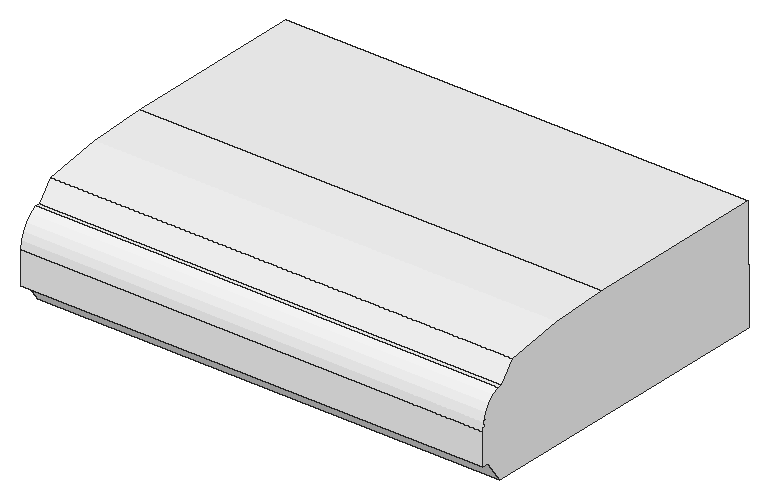
Revit family "Indoor_Unit-VRF-Ductless-JCI-Ceiling_Suspended-1.3_3Ton-208_230V", category Mechanical Equipment, host Face, Revit 2013
Parameters (values of type "1.3 Ton - 208V /1PH 60Hz")
  Width = 37 25/32"
  Voltage = 208 V
  URL = "http://www.johnsoncontrols.com"
  Type Comments = "1.3 Ton Indoor Unit"
  Sound Pressure Level = "38 dB"
  Show Clearance [instance] = no
  Refrigerant Used = "R410A"  # constant formula
  Refrigerant Charge = 0.00 lbf
  Product Page URL = "http://www.johnsoncontrols.com/content/us/en/products/building_efficiency/products-and-systems/integrated_hvac_systems/Industrial___Commercial_HVAC_Equipment/Variable_Refrigerant_Flow_Systems_.html"
  Product Documentation Link = "http://www.johnsoncontrols.com/content/dam/WWW/jci/be/integrated_hvac_systems/hvac_equipment/variable_refrigerant/Catalog%202015%20VRF%20catalog_012115_D_FNL.pdf"
  Power Factor = 1
  Phase = 1
  Nominal Heating Capacity = 17000.0 Btu/h
  Nominal Cooling Capacity = 15000.0 Btu/h
  Net Weight = 60.00 lbf
  Model = "TICS015B21S"
  Minimum Circuit Ampacity = 0.3 A
  Manufacturer = "Johnson Controls Inc."  # constant formula
  Liquid Line Radius = Liquid Connection Diameter / 2  # 1/8"
  Liquid Connection Diameter = 1/4"
  Height = 9 1/4"
  Heating Nominal Input Power = 0 VA
  Has Pipe Connection Rear [instance] = yes
  Has Pipe Connection Top [instance] = no
  Has Drain Pipe Connection Top [instance] = no
  Has Drain Pipe Connection Right [instance] = no
  Has Drain Pipe Connection RearRight [instance] = yes
  Has Drain Pipe Connection RearLeft [instance] = no
  Has Drain Pipe Connection Rear = 0"
  Has Drain Pipe Connection Left [instance] = no
  Gas Line Radius = Gas Connection Diameter / 2  # 1/4"
  Gas Connection Diameter = 1/2"
  Full Load Current = 0 A
  Frequency = 60 Hz  # constant formula
  Frame Finish = Metal - JCI - Aluminum - Powder Coated - Pearl White
  Drain Pipe Radius = Drain Connection Size / 2  # 5/16"
  Drain Connection Size = 5/8"
  Description = "VRF Indoor Ceiling Suspended"  # constant formula
  Depth = 27 5/32"
  Default Elevation = 70 7/8"
  Copyright © = "2015 Johnson Controls Inc."  # constant formula
  Cooling Nominal Input Power = 0 VA
  Condensate Drain Flow = 0 GPM
  Clearance Offset Top [instance] = 5 29/32"
  Clearance Offset Right [instance] = 3 15/16"
  Clearance Offset Left [instance] = 3 15/16"
  Clearance Offset Front [instance] = 0"
  Clearance Offset Bottom [instance] = 70 7/8"
  Clearance Offset Back [instance] = 0"
  CTRL Pipes Angle Vert [instance] = if(Has Pipe Connection Top, 90.00°, 0.00°)  # 0.00°
  CTRL Pipe Liquid Left Inset [instance] = if(Has Pipe Connection Rear, 5 3/4", if(Has Pipe Connection Top, 5 3/4", 5 3/4"))  # 5 3/4"
  CTRL Pipe Liquid Back Inset [instance] = if(Has Pipe Connection Rear, 1 1/8", if(Has Pipe Connection Top, 5 7/16", 1 1/8"))  # 1 1/8"
  CTRL Pipe Liquid Top Inset [instance] = if(Has Pipe Connection Rear, 4 5/8", if(Has Pipe Connection Top, 4 5/8", 4 5/8"))  # 4 5/8"
  CTRL Pipe Liquid Angle Hor [instance] = 90.00°  # constant formula
  CTRL Pipe Length [instance] = if(Has Pipe Connection Rear, 1 1/8", if(Has Pipe Connection Top, 4 5/8", 1"))  # 1 1/8"
  CTRL Pipe Gas Left Inset [instance] = if(Has Pipe Connection Rear, 3 11/16", if(Has Pipe Connection Top, 3 11/16", 3 11/16"))  # 3 11/16"
  CTRL Pipe Gas Back Inset [instance] = if(Has Pipe Connection Rear, 1 1/8", if(Has Pipe Connection Top, 5 7/16", 1 1/8"))  # 1 1/8"
  CTRL Pipe Gas Top Inset [instance] = if(Has Pipe Connection Rear, 4 3/16", if(Has Pipe Connection Top, 4 5/8", 1 9/16"))  # 4 3/16"
  CTRL Pipe Gas Angle Hor [instance] = 90.00°  # constant formula
  CTRL Pipe Drain Left Inset [instance] = if(Has Drain Pipe Connection RearRight, 5 13/16", if(Has Drain Pipe Connection RearLeft, Width - 3", if(Has Drain Pipe Connection Top, 3 11/16", if(Has Drain Pipe Connection Left, Width - 1", if(Has Drain Pipe Connection Right, 1", Width - 4 11/32")))))  # 5 13/16"
  CTRL Pipe Drain Back Inset [instance] = if(Has Drain Pipe Connection RearRight, 1", if(Has Drain Pipe Connection RearLeft, 1", if(Has Drain Pipe Connection Top, 1 9/16", if(Has Drain Pipe Connection Left, 3 5/8", if(Has Drain Pipe Connection Right, 2 3/8", 1 15/16")))))  # 1"
  CTRL Pipe Drain Top Inset [instance] = if(or(Has Drain Pipe Connection RearRight, Has Drain Pipe Connection RearLeft), 1 9/16", if(Has Drain Pipe Connection Top, 1 9/16", if(Has Drain Pipe Connection Left, 1 9/16", 4 5/8")))  # 1 9/16"
  CTRL Pipe Drain Angle Hor [instance] = if(Has Drain Pipe Connection Left, 180.00°, if(Has Drain Pipe Connection Right, 0.00°, 90.00°))  # 90.00°
  CTRL Drain Pipe Length [instance] = if(Has Drain Pipe Connection Top, Height - 1 9/16", 1")  # 1"
  CTRL Drain Pipe Angle Vert [instance] = if(Has Drain Pipe Connection Top, 90.00°, if(or(Has Drain Pipe Connection RearRight, Has Drain Pipe Connection RearLeft), 0.00°, 0.00°))  # 0.00°
  Assembly Code = "D3040100"
  Apparent Load = 0 VA
  Air Flow Rate = 530 CFM
Reference planes (in)
  plane 1 "Center (Front/Back)": y = 0
  plane 2 "Original Bottom": z = 0
  plane 3 "Center (Left/Right)": x = 0
  plane 4 "Back": y = 13.57812
  plane 5 "Front": y = -13.57813
  plane 6 "Left": x = -18.89062
  plane 7 "Right": x = 18.89063
  plane 8 "Frame Bottom": z = 0
  plane 9 "Frame Top": z = 9.25
  plane 10 "Pipe Host Face": y = 10.26562
  plane 11 "Panel Slope F": y = -10.48445
  plane 12 "Air Outlet R": x = 14.67188
  plane 13 "Air Outlet L": x = -16.89062
  plane 14 "Gas Pipe F/B": y = 12.45313
  plane 15 "Liquid Pipe F/B": y = 12.45313
  plane 16 "Drain Pipe F/B": y = 12.57813
  plane 17 "Drain Pipe T/B": z = 7.6875
  plane 18 "Liquid Pipe T/B": z = 4.625
  plane 19 "Gas Pipe T/B": z = 5.0625
  plane 20 "Clearance Back": y = 19.48438
  plane 21 "Clearance Front": y = -84.45312
  plane 22 "Clearance Right": x = 22.82813
  plane 23 "Clearance Left": x = -22.82812
  plane 24 "Clearance Top": z = 9.25
  plane 25 "Clearance Bottom": z = 0
  plane 26 "Display B": y = -11.45959
  plane 27 "Display F": y = -13.31819
  plane 28 "Liquid Pipe L/R": x = -13.14062
  plane 29 "Gas Pipe L/R": x = -15.20312
  plane 30 "Drain Pipe L/R": x = -13.07812
  plane 31 "Right of Grille": x = 17.39063
  plane 32 "Left of Grille": x = -17.39062
  plane 33 "Front of Grille": y = 1.4533
  plane 34 "Back of Grille": y = 13.00935
Forms (in)
  Extrusion 1, solid, material "Clearance", visible <- "Show Clearance"
    sketch origin (0.77142, -0.03631, 0) x (-1, 0, 0) y (0, -1, 0)
      loop
        line (23.59954, -19.52068) -> (23.59954, 84.41682) -> (-22.05671, 84.41682) -> (-22.05671, -19.52068) -> (23.59954, -19.52068)
    from 0 to 9.25
  Sweep 2, solid, material "Metal - JCI - Aluminum - Powder Coated - Pearl White" <- "Frame Finish"
    path origin (0, 0, 0) x (1, 0, 0) y (0, 0, 1)
      loop
        line (18.89063, 0) -> (-18.89062, 0)
    profile origin (0, 0, 0) x (0, 0, -1) y (0, -1, 0)
      loop
        line (-1.71875, 13.59375) -> (-4.32418, 13.59375)
        arc (-4.32418, 13.59375) -> (-5.7888, 13.10998) -> (-6.82646, 11.96875) r 3.03492
        line (-6.82646, 11.96875) -> (-6.82646, 11.58285) -> (-8.27482, 10.46882)
        arc (-8.27482, 10.46882) -> (-9.0055, 5.9637) -> (-9.25, 1.40625) r 42.5978
        line (-9.25, 1.40625) -> (-9.25, -13.57813) -> (0, -13.57813) -> (0, 11.78125) -> (-1.71875, 13.02999) -> (-1.71875, 13.59375)
Lines and regions (in)
  Masking region 1
    outline origin (0, 0, 0) x (1, 0, 0) y (0, 0, 1)
      loop
        line (-18.89062, 9.25) -> (-18.89062, 0) -> (18.89063, 0) -> (18.89063, 9.25) -> (-18.89062, 9.25)
  Masking region 2
    outline origin (0, 0, 0) x (-1, 0, 0) y (0, -1, 0)
      loop
        line (-18.89063, -13.57813) -> (18.89062, -13.57813) -> (18.89062, 13.59375) -> (-18.89063, 13.59375) -> (-18.89063, -13.57813)
  Masking region 3, detail levels fine
    outline origin (0, 0, 9.25) x (-1, 0, 0) y (0, -1, 0)
      loop
        line (-17.39063, -13.00935) -> (17.39063, -13.00935) -> (17.39063, -1.4533) -> (-17.39063, -1.4533) -> (-17.39063, -13.00935)
  Split face 1
    outline origin (18.89063, 13.57813, 9.25) x (-1, 0, 0) y (0, -1, 0)
      loop
        line (36.28125, 12.12482) -> (1.5, 12.12482) -> (1.5, 0.56878) -> (36.28125, 0.56878) -> (36.28125, 12.12482)
  Split face 2
    outline origin (18.89063, 0, 0) x (0, 0, 1) y (0, -1, 0)
      loop
        line (8.96368, -8.69253) -> (6.96368, -8.69253) -> (6.96368, -11.32813) -> (8.96368, -11.32813) -> (8.96368, -8.69253)
  Split face 3
    outline origin (-18.89062, 0, 0) x (0, -1, 0) y (0, 0, 1)
      loop
        line (-13.3828, 6.36091) -> (-13.3828, 2.74731) -> (-9.76563, 2.74731) -> (-9.76563, 6.36091) -> (-13.3828, 6.36091)
  Split face 4
    outline origin (18.89063, 13.57813, 0) x (-1, 0, 0) y (0, 0, 1)
      loop
        line (30.89489, 8.34337) -> (30.89489, 3.50506) -> (35.09926, 3.50506) -> (35.09926, 8.34337) -> (30.89489, 8.34337)
  Split face 5
    outline origin (18.89063, -11.78125, 0) x (0, 1, 0) y (-1, 0, 0)
      loop
        line (24.60938, 30.89489) -> (24.60938, 35.09926) -> (18.17188, 35.09926) -> (18.17188, 30.89489) -> (24.60938, 30.89489)
  Masking region 4, detail levels fine
    outline origin (0, 0, 0) x (-1, 0, 0) y (0, -1, 0)
      loop
        line (12.00427, -12.82812) -> (16.20863, -12.82812) -> (16.20863, -6.39062) -> (12.00427, -6.39062) -> (12.00427, -12.82812)
  symbolic lines, detail levels fine
    curve 1: line (-18.89063, -13.57813, 4.58751) -> (18.89063, -13.57813, 4.58751)
  model lines, style "Clearance", visible <- "Show Clearance"
    curve 2: line (22.82812, -84.45313, 9.25) -> (-22.82812, -84.45313, 9.25)
    curve 3: line (-22.82812, -84.45313, 9.25) -> (-22.82812, -84.45313, 0)
    curve 4: line (-22.82812, -84.45313, 0) -> (22.82812, -84.45313, 0)
    curve 5: line (22.82812, -84.45313, 0) -> (22.82812, -84.45313, 9.25)
    curve 6: line (-22.82812, 19.48437, 9.25) -> (22.82812, 19.48437, 9.25)
    curve 7: line (22.82812, 19.48437, 9.25) -> (22.82812, 19.48437, 0)
    curve 8: line (22.82812, 19.48437, 0) -> (-22.82812, 19.48437, 0)
    curve 9: line (-22.82812, 19.48437, 0) -> (-22.82812, 19.48437, 9.25)
    curve 10: line (-22.82812, -84.45313, 9.25) -> (-22.82812, 19.48437, 9.25)
    curve 11: line (-22.82812, 19.48437, 0) -> (-22.82812, -84.45313, 0)
    curve 12: line (22.82813, 19.48438, 9.25) -> (22.82813, -84.45312, 9.25)
    curve 13: line (22.82813, -84.45312, 0) -> (22.82813, 19.48438, 0)
  reference lines
    curve 14: line (-13.14062, 12.45313, 4.625) -> (-13.5719, 12.45313, 4.625)
    curve 15: line (-13.14062, 12.45313, 4.625) -> (-13.14062, 13.00935, 4.625)
    curve 16: line (-15.20312, 12.45312, 5.0625) -> (-15.6344, 12.45312, 5.0625)
    curve 17: line (-15.20312, 12.45312, 5.0625) -> (-15.20312, 13.00935, 5.0625)
    curve 18: line (-13.07812, 12.57813, 7.6875) -> (-13.5094, 12.57813, 7.6875)
    curve 19: line (-13.07812, 12.57813, 7.6875) -> (-13.07812, 13.13435, 7.6875)
  symbolic lines, detail levels medium+fine
    curve 20: line (-18.89062, -10.46882, 9.25) -> (18.89062, -10.46882, 9.25)
Dimensions and locks (in)
  equal spacing: plane 6 "Left", plane 3 "Center (Left/Right)", plane 7 "Right"
  "Width": plane 6 "Left" to plane 7 "Right"
  equal spacing: plane 4 "Back", plane 1 "Center (Front/Back)", plane 5 "Front"
  "Depth": plane 5 "Front" to plane 4 "Back"
  "Height": plane 9 "Frame Top" to plane 8 "Frame Bottom"
  locked: plane 4 "Back" to plane 10 "Pipe Host Face" at 3.3125
  plane 5 "Front" to plane 11 "Panel Slope F" = 3.09368"
  "Clearance Offset Back": plane 8 "Frame Bottom" to plane 25 "Clearance Bottom"
  "Clearance Offset Top": plane 20 "Clearance Back" to plane 4 "Back"
  "Clearance Offset Bottom": plane 21 "Clearance Front" to plane 5 "Front"
  "Clearance Offset Left": plane 23 "Clearance Left" to plane 6 "Left"
  "Clearance Offset Right": plane 7 "Right" to plane 22 "Clearance Right"
  "Clearance Offset Front": plane 24 "Clearance Top" to plane 9 "Frame Top"
  locked: plane 8 "Frame Bottom" to plane 2 "Original Bottom" at 0
  locked: plane 6 "Left" to plane 13 "Air Outlet L" at 2
  locked: plane 12 "Air Outlet R" to plane 7 "Right" at 4.21875
  "CTRL Pipe Drain Top Inset": plane 9 "Frame Top" to plane 17 "Drain Pipe T/B"
  "CTRL Pipe Liquid Top Inset": plane 9 "Frame Top" to plane 18 "Liquid Pipe T/B"
  "CTRL Pipe Gas Top Inset": plane 9 "Frame Top" to plane 19 "Gas Pipe T/B"
  plane 27 "Display F" to plane 26 "Display B" = 1.8586"
  plane 5 "Front" to plane 27 "Display F" = 0.25993"
  "CTRL Pipe Liquid Back Inset": plane 15 "Liquid Pipe F/B" to plane 4 "Back"
  "CTRL Pipe Gas Back Inset": plane 14 "Gas Pipe F/B" to plane 4 "Back"
  "CTRL Pipe Drain Back Inset": plane 16 "Drain Pipe F/B" to plane 4 "Back"
  "CTRL Pipe Liquid Left Inset": plane 6 "Left" to plane 28 "Liquid Pipe L/R"
  "CTRL Pipe Gas Left Inset": plane 6 "Left" to plane 29 "Gas Pipe L/R"
  "CTRL Pipe Drain Left Inset": plane 6 "Left" to plane 30 "Drain Pipe L/R"
  curve 14 to curve 14 = 0.43127"
  locked: curve 15 to curve 14 at 0.55622
  curve 16 to curve 16 = 0.43127"
  locked: curve 16 to curve 17 at 0.55622
  curve 18 to curve 18 = 0.43127"
  locked: curve 18 to curve 19 at 0.55622
  locked: plane 31 "Right of Grille" to plane 7 "Right" at 1.5
  locked: plane 6 "Left" to plane 32 "Left of Grille" at 1.5
  locked: plane 4 "Back" to plane 34 "Back of Grille" at 0.56878
  locked: plane 34 "Back of Grille" to plane 33 "Front of Grille" at 11.55605
  locked: Split face 2 sketch curve to Split face 2 sketch curve at 2
  locked: Split face 4 sketch curve to Split face 4 sketch curve at 4.20437
  locked: Split face 4 sketch curve to Split face 4 sketch curve at 4.8383
  locked: plane 9 "Frame Top" to Split face 4 sketch curve at 0.90663
  locked: Split face 5 sketch curve to Split face 5 sketch curve at 6.4375
  locked: plane 4 "Back" to Split face 5 sketch curve at 0.75
  locked: Split face 2 sketch curve to Split face 2 sketch curve at 2.63559
  locked: plane 9 "Frame Top" to Split face 2 sketch curve at 0.28632
  locked: Split face 2 sketch curve to plane 4 "Back" at 2.25
  locked: Split face 3 sketch curve to Split face 3 sketch curve at 3.61359
  locked: Split face 3 sketch curve to Split face 3 sketch curve at 3.61718
  locked: plane 9 "Frame Top" to Split face 3 sketch curve at 2.88909
  locked: curve 15 to curve 14 (angle 90.00°)
  "CTRL Pipe Liquid Angle Hor": angle curve 15 to plane 15 "Liquid Pipe F/B"
  "CTRL Pipe Liquid Angle Hor": angle nested 1 to plane 15 "Liquid Pipe F/B"
  locked: curve 17 to curve 16 (angle 90.00°)
  "CTRL Pipe Gas Angle Hor": angle curve 17 to plane 14 "Gas Pipe F/B"
  "CTRL Pipe Gas Angle Hor": angle nested 2 to plane 14 "Gas Pipe F/B"
  locked: curve 19 to curve 18 (angle 90.00°)
  "CTRL Pipe Drain Angle Hor": angle curve 19 to plane 16 "Drain Pipe F/B"
  "CTRL Pipe Drain Angle Hor": angle nested 3 to plane 16 "Drain Pipe F/B"
  aligned and locked: plane 2 "Original Bottom" to host face
  aligned and locked: level to host face
  aligned and locked: plane 23 "Clearance Left" to Extrusion 1
  aligned and locked: Extrusion 1 to plane 22 "Clearance Right"
  aligned and locked: Extrusion 1 to plane 21 "Clearance Front"
  aligned and locked: plane 20 "Clearance Back" to Extrusion 1
  aligned and locked: plane 24 "Clearance Top" to Extrusion 1
  aligned and locked: Extrusion 1 to plane 25 "Clearance Bottom"
  aligned and locked: plane 6 "Left" to Sweep 2 sketch curve
  aligned and locked: plane 7 "Right" to Sweep 2 sketch curve
  aligned and locked: plane 8 "Frame Bottom" to Sweep 2 sketch curve  (x2)
  aligned and locked: Sweep 2 sketch curve to plane 9 "Frame Top"
  aligned and locked: Masking region 1 sketch curve to plane 9 "Frame Top"
  aligned and locked: plane 8 "Frame Bottom" to Masking region 1 sketch curve
  aligned and locked: Masking region 1 sketch curve to plane 6 "Left"
  aligned and locked: Masking region 1 sketch curve to plane 7 "Right"
  aligned and locked: plane 6 "Left" to curve 1
  aligned and locked: plane 7 "Right" to curve 1
  aligned and locked: Sweep 2 sketch curve to plane 4 "Back"
  aligned and locked: curve 2 to Extrusion 1
  aligned and locked: curve 3 to Extrusion 1
  aligned and locked: curve 4 to Extrusion 1
  aligned and locked: curve 5 to Extrusion 1
  aligned and locked: curve 6 to Extrusion 1
  aligned and locked: curve 7 to Extrusion 1
  aligned and locked: curve 8 to Extrusion 1
  aligned and locked: curve 9 to Extrusion 1
  aligned and locked: curve 10 to Extrusion 1
  aligned and locked: curve 11 to Extrusion 1
  aligned and locked: curve 12 to Extrusion 1
  aligned and locked: curve 13 to Extrusion 1
  aligned and locked: nested 1 to curve 14
  aligned and locked: nested 1 to curve 15
  aligned and locked: plane 29 "Gas Pipe L/R" to curve 17
  aligned and locked: nested 2 to curve 16
  aligned and locked: nested 2 to curve 17
  aligned and locked: curve 18 to nested 3
  aligned and locked: nested 3 to curve 19
  aligned and locked: plane 17 "Drain Pipe T/B" to nested 3
  aligned and locked: plane 19 "Gas Pipe T/B" to nested 2
  aligned and locked: plane 18 "Liquid Pipe T/B" to nested 1
  aligned and locked: plane 16 "Drain Pipe F/B" to curve 19
  aligned and locked: plane 30 "Drain Pipe L/R" to curve 19
  aligned and locked: plane 15 "Liquid Pipe F/B" to curve 14
  aligned and locked: plane 28 "Liquid Pipe L/R" to curve 14
  aligned and locked: Masking region 2 sketch curve to Sweep 2  (x4)
  aligned and locked: curve 20 to Sweep 2
  aligned and locked: plane 32 "Left of Grille" to Masking region 3 sketch curve
  aligned and locked: plane 31 "Right of Grille" to Masking region 3 sketch curve
  aligned and locked: Masking region 3 sketch curve to plane 33 "Front of Grille"
  aligned and locked: plane 34 "Back of Grille" to Masking region 3 sketch curve
  aligned and locked: plane 31 "Right of Grille" to Split face 1 sketch curve
  aligned and locked: Split face 1 sketch curve to plane 33 "Front of Grille"
  aligned and locked: plane 34 "Back of Grille" to Split face 1 sketch curve
  aligned and locked: plane 32 "Left of Grille" to Split face 1 sketch curve
  aligned and locked: Split face 5 sketch curve to Split face 4
  aligned and locked: Split face 4 to Split face 5 sketch curve
  aligned and locked: Split face 5 to Masking region 4 sketch curve
  aligned and locked: Masking region 4 sketch curve to Split face 5  (x3)
Automatic sketch dimensions
  host sketch curve to host sketch curve = 96"
  host sketch curve to host sketch curve = 152.71721"
  Extrusion 1 sketch curve to plane 20 "Clearance Back" = 0"
  Extrusion 1 sketch curve to plane 22 "Clearance Right" = 0"
  Extrusion 1 sketch curve to plane 21 "Clearance Front" = 0"
  Extrusion 1 sketch curve to plane 23 "Clearance Left" = 0"
  curve 10 to plane 20 "Clearance Back" = 0"
  curve 10 to plane 21 "Clearance Front" = 0"
  curve 11 to plane 20 "Clearance Back" = 0"
  curve 11 to plane 21 "Clearance Front" = 0"
  curve 12 to plane 20 "Clearance Back" = 0"
  curve 12 to plane 21 "Clearance Front" = 0"
  curve 13 to plane 20 "Clearance Back" = 0"
  curve 13 to plane 21 "Clearance Front" = 0"
  curve 17 to plane 14 "Gas Pipe F/B" = 0"
  plane 18 "Liquid Pipe T/B" to curve 1 = 0.03749"
  profile plane to Sweep 2 sketch curve = 6.82646"
  plane 1 "Center (Front/Back)" to Sweep 2 sketch curve = 1 13/32"
  profile plane to Sweep 2 sketch curve = 1 23/32"
  Sweep 2 sketch curve to Sweep 2 sketch curve = 1.44836"
  Sweep 2 sketch curve to Sweep 2 sketch curve = 2.50228"
  Sweep 2 sketch curve to Sweep 2 sketch curve = 1.31243"
  Sweep 2 sketch curve to Sweep 2 sketch curve = 1.49993"
  Sweep 2 sketch curve to Sweep 2 sketch curve = 1.24874"
  Sweep 2 sketch curve to Sweep 2 sketch curve = 0.56376"
  plane 1 "Center (Front/Back)" to Sweep 2 sketch curve = 11.58285"
  Sweep 2 sketch curve to Sweep 2 sketch curve = 2.6906"
  Sweep 2 sketch curve to Sweep 2 sketch curve = 1.01818"
  Split face 4 sketch curve to Sweep 2 = 6.88636"
  Split face 3 sketch curve to Sweep 2 = 25/128"
  curve 20 to plane 7 "Right" = 0"
  curve 20 to plane 6 "Left" = 0"
Nested families (in)
  nested 1: "Pipe-Rotation-JCI-For_WallMount" at (-13.14062, 12.45313, 4.625), Pipe Radius <- "Liquid Line Radius", CTRL Angle <- "CTRL Pipes Angle Vert", Pipe Length <- "CTRL Pipe Length", type "Pipe-Rotation-JCI-For_WallMount", not visible
    with Pipe Radius 1/8", Pipe Material none, Pipe Length 1 1/8", CTRL Angle 0.00°
  nested 2: "Pipe-Rotation-JCI-For_WallMount" at (-15.20312, 12.45313, 5.0625), Pipe Radius <- "Gas Line Radius", CTRL Angle <- "CTRL Pipes Angle Vert", Pipe Length <- "CTRL Pipe Length", type "Pipe-Rotation-JCI-For_WallMount", not visible
    with Pipe Radius 1/4", Pipe Material none, Pipe Length 1 1/8", CTRL Angle 0.00°
  nested 3: "Pipe-Rotation-JCI-For_WallMount" at (-13.07812, 12.57813, 7.6875), Pipe Radius <- "Drain Pipe Radius", CTRL Angle <- "CTRL Drain Pipe Angle Vert", Pipe Length <- "CTRL Drain Pipe Length", type "Pipe-Rotation-JCI-For_WallMount", not visible
    with Pipe Radius 5/16", Pipe Material none, Pipe Length 1", CTRL Angle 0.00°
Connectors (in)
  electrical at (0, 0.89844, 0), driven by "Voltage", driven by "Apparent Load", driven by "Power Factor"
    settings: on Sweep 2, index 4, voltage 208 V, apparent load 0 VA, apparent load phase1 0 VA, apparent load phase2 0 VA, apparent load phase3 0 VA, power factor 1, load classification "HVAC", number of poles 1, system type 30, power factor state 1, is connector primary yes, connector utility no, sub classification motor no, connector description "Power Supply"
  piping at (-13.14062, 13.57813, 4.625), driven by "Liquid Line Radius"
    settings: on nested 1, index 5, connector radius 1/8", flow factor 0, pipe flow 0 GPM, pressure drop 0.00 psi, fitting loss kfactor 0, connector angle 0.00°, fixture units 0, engagement length 0", flow configuration 0, flow direction 0, fitting loss method 0, system type 29, joint type 0, gender type 0, connector reference index -1, connector utility 0, adjustable connector no, is connector primary no, fitting loss table "", connector description "Liquid Pipe Connection"
  piping at (-13.07812, 13.57813, 7.6875), driven by "Drain Pipe Radius", driven by "Condensate Drain Flow"
    settings: on nested 3, index 6, connector radius 5/16", flow factor 0, pipe flow 0 GPM, pressure drop 0.00 psi, fitting loss kfactor 0, connector angle 0.00°, fixture units 0, engagement length 0", flow configuration 1, flow direction 2, fitting loss method 0, system type 16, joint type 0, gender type 0, connector reference index -1, connector utility 0, adjustable connector no, is connector primary no, fitting loss table "", connector description "Drain Connection"
  piping at (-15.20312, 13.57812, 5.0625), driven by "Gas Line Radius"
    settings: on nested 2, index 7, connector radius 1/4", flow factor 0, pipe flow 0 GPM, pressure drop 0.00 psi, fitting loss kfactor 0, connector angle 0.00°, fixture units 0, engagement length 0", flow configuration 0, flow direction 0, fitting loss method 0, system type 29, joint type 0, gender type 0, connector reference index -1, connector utility 0, adjustable connector no, is connector primary yes, fitting loss table "", connector description "Gass Connection"
Definition of nested family "Pipe-Rotation-JCI-For_WallMount"
  Parameters (values of type "Pipe-Rotation-JCI-For_WallMount")
    Pipe Radius [instance] = 3/8"
    Pipe Material [instance] = none
    Pipe Length [instance] = 3 89/256"
    CTRL Angle [instance] = 40.00°
  Reference planes (in)
    plane 1 "Center (Front/Back)": y = 0
    plane 2: z = 0
    plane 3 "Center (Left/Right)": x = 0
  Forms (in)
    Sweep 1, solid, material <- "Pipe Material", detail levels fine
      path origin (0, 0, 0) x (0, 1, 0) y (0, 0, 1)
        loop
          line (0, 0) -> (2.56445, -2.15183)
      profile origin (0, 1.28223, -1.07592) x (0, 0.642788, 0.766044) y (1, 0, 0)
        loop
          circle (0, 0) r 0.375
  Lines and regions (in)
    model lines, detail levels coarse+medium
      curve 1: line (0, 0, 0) -> (0, 2.56445, -2.15183)
  Dimensions and locks (in)
    "Pipe Length": Sweep 1 sketch curve to Sweep 1 sketch curve
    "Pipe Length": curve 1 to curve 1
    "Pipe Radius": radius of Sweep 1 sketch curve
    "CTRL Angle": angle Sweep 1 sketch curve to plane 2
    "CTRL Angle": angle curve 1 to plane 2
    aligned and locked: plane 2 to level
    aligned and locked: plane 3 "Center (Left/Right)" to Sweep 1 sketch curve
    aligned and locked: plane 1 "Center (Front/Back)" to Sweep 1 sketch curve
    aligned and locked: plane 2 to Sweep 1 sketch curve
    aligned and locked: plane 1 "Center (Front/Back)" to curve 1
    aligned and locked: plane 2 to curve 1
  Automatic sketch dimensions
    Sweep 1 sketch curve to profile plane = 0"
Types in the file's own list only (7): name | Width | Voltage | Type Comments | Sound Pressure Level | Refrigerant Charge | Nominal Heating Capacity | Nominal Cooling Capacity | Net Weight | Model | Minimum Circuit Ampacity | Liquid Line Radius | Liquid Connection Diameter | Gas Line Radius | Gas Connection Diameter | Drain Connection Size | Air Flow Rate
  2.0 Ton - 208V /1PH 60Hz | 50" | 208 V | "2.0 Ton - 208V" | "43 dB" | 0.00 lb | 27000.0 Btu/h | 24000.0 Btu/h | 77.00 lb | "TICS024B21S" | 1 A | 3/16" | 0" | 5/16" | 1" | 1" | 847 CFM
  2.5 Ton - 208V /1PH 60Hz | 62 7/32" | 208 V | "2.5 Ton - 208V" | "44 dB" | 0.00 lb | 34000.0 Btu/h | 30000.0 Btu/h | 90.00 lb | "TICS030B21S" | 1 A | 3/16" | 0" | 5/16" | 1" | 1" | 1059 CFM
  3.0 Ton - 208V /1PH 60Hz | 62 7/32" | 208 V | "3.0 Ton - 208V" | "48 dB" | 0.00 lb | 40000.0 Btu/h | 36000.0 Btu/h | 90.00 lb | "TICS036B21S" | 1 A | 3/16" | 0" | 5/16" | 1" | 1" | 1236 CFM
  1.3 Ton - 230V /1PH 60Hz | 37 25/32" | 230 V | "1.3 Ton - 230V" | "38 dB" | 0.00 lb | 17000.0 Btu/h | 15000.0 Btu/h | 60.00 lb | "TICS015B21S" | 0 A | 1/8" | 0" | 1/4" | 1" | 1" | 530 CFM
  2.0 Ton - 230V /1PH 60Hz | 50" | 230 V | "2.0 Ton - 230V" | "43 dB" | 0.00 lb | 27000.0 Btu/h | 24000.0 Btu/h | 77.00 lb | "TICS024B21S" | 1 A | 3/16" | 0" | 5/16" | 1" | 1" | 847 CFM
  2.5 Ton - 230V /1PH 60Hz | 62 7/32" | 230 V | "2.5 Ton - 230V" | "44 dB" | 0.00 lb | 34000.0 Btu/h | 30000.0 Btu/h | 90.00 lb | "TICS030B21S" | 1 A | 3/16" | 0" | 5/16" | 1" | 1" | 1059 CFM
  3.0 Ton - 230V /1PH 60Hz | 62 7/32" | 230 V | "3.0 Ton - 230V" | "48 dB" | 0.00 lb | 40000.0 Btu/h | 36000.0 Btu/h | 90.00 lb | "TICS036B21S" | 1 A | 3/16" | 0" | 5/16" | 1" | 1" | 1236 CFM
